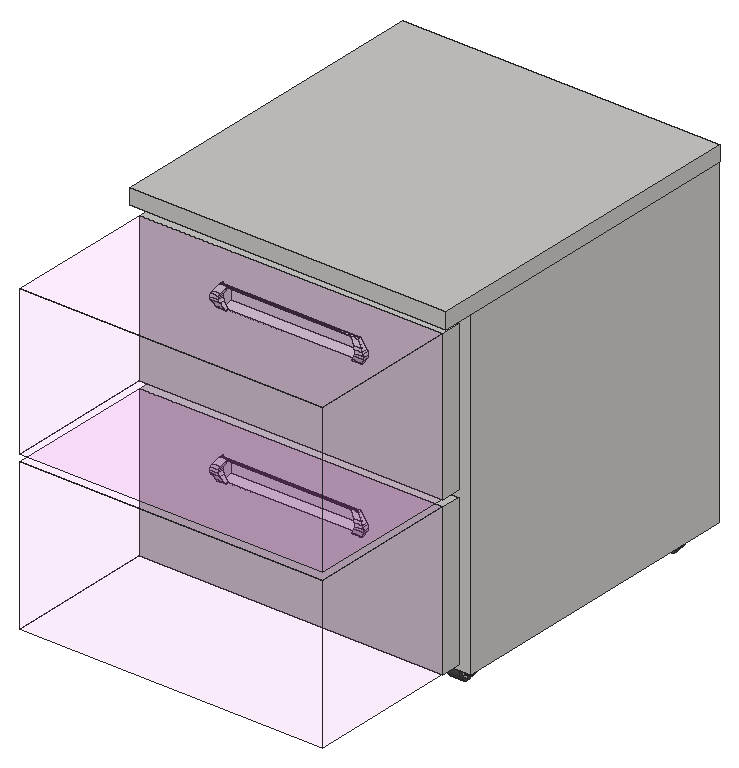
Revit family "Qf_Kelvinator_738337_KCHUC27.2DR-32_2-Drawer_Under_Counter_Refrig_27_Long_32.5_Tall", category Specialty Equipment, Revit 2021
Family settings
  Round Connector Dimension = Use Diameter
  Part Type = Normal
  Work Plane-Based = No
  Always vertical = Yes
  Cut with Voids When Loaded = No
  Shared = No
  Room Calculation Point = No
Parameters
  Weight in Pounds = 121.254
  Watts = if(Phase = 3, Volts * FL Amps * 1.73, Volts * FL Amps)  # 172.5 W
  Volts = 115 V
  URL Cutsheet = ""
  Specification by User = ""
  Specification by Manufacturer = ""
  Show Clearance [instance] = yes
  Serial Number = ""
  Seismic Rating = ""
  SMACNA No = ""
  Revision Code = ""
  Refrigerant Type = "R600a"
  Phase = 1
  Number of Poles = 1
  NAFEM Spec ID Number = ""
  Model = "738337 (KKCHUC27.2DR-32)"
  Min Ckt Ampacity = 0 A
  Max Overcurrent Protection = 0 A
  Masterspec = ""
  Manufacturer = "Kelvinator Commercial"
  Length = 27 3/4"
  Item Number = "738337"
  Installed By = ""
  Identify Quantity as Lot = yes
  Height = 32 1/16"
  HP = "1/10"
  Furnished By = ""
  Foodservice Equipment Identifier = yes
  FL Amps = 1.5 A
  Electrical Remarks = ""
  Electric Connection Type = ""
  Elec Conn RI Height = 0"
  Elec Conn Connection Height = 0"
  Description = "2-Drawer Under Counter Refrigerator 27\" Long 32.5\" Tall"
  Depth = 29 15/16"
  Default Elevation = 0"
  Cycle = 60 Hz
  Conn Plug = "5-15P"
  Conn Conduit = yes
  CSI MasterFormat = ""
  Apparent Power = if(Phase = 3, Volts * FL Amps * 1.73, Volts * FL Amps)  # 172.5 VA
Reference planes (in)
  plane 1 "BACK": y = 0
  plane 2: z = 0
  plane 3 "LEFT": x = 0
  plane 4 "RIGHT": x = 27.756
  plane 5 "FRONT": y = -29.92126
  plane 6 "TOP": z = 32.08661
  plane 7 "Center Y": x = 13.878
  plane 8 "Center X": y = -14.96063
  plane 9 "Base Height": z = 2.3622
  plane 10: x = 23.81899
  plane 11: x = 27.75
  plane 12: y = -29.9375
  plane 13: z = 32.0625
Forms (in)
  Extrusion 1, solid, material "QF_Metal - Stainless - Polished"
    sketch origin (0, 0, 32.08661) x (-1, 0, 0) y (0, -1, 0)
      loop
        line (0, 0) -> (0, 29.9375) -> (-27.75, 29.9375) -> (-27.75, 0) -> (0, 0)
    from -0.02411 to -1.37795
  Extrusion 2, solid, material "QF_Metal - Stainless - Polished"
    sketch origin (27.75, 0, 32.08661) x (0, -1, 0) y (0, 0, -1)
      loop
        line (0, 1.37795) -> (27.19734, 1.37795) -> (27.19734, 29.72441) -> (11.81102, 29.72441) -> (11.81102, 20.19685) -> (0, 20.19685) -> (0, 1.37795)
    from -2.30315 to -25.45685
  Extrusion 3, solid, material "QF_Metal - Stainless - Polished"
    sketch origin (0, 0, 0) x (1, 0, 0) y (0, 0, 1)
      loop
        line (2.30315, 2.3622) -> (2.30315, 30.70866) -> (0.09843, 30.70866) -> (0.09843, 2.3622) -> (2.30315, 2.3622)
      loop
        line (27.65757, 30.70866) -> (25.45285, 30.70866) -> (25.45285, 2.3622) -> (27.65757, 2.3622) -> (27.65757, 30.70866)
    from 0 to 27.1811
  Extrusion 4, solid, material "QF_Metal - Stainless - Polished"
    sketch origin (0, -27.1811, 0) x (1, 0, 0) y (0, 0, 1)
      loop
        line (0.61024, 29.96063) -> (0.61024, 16.9685) -> (27.14576, 16.9685) -> (27.14576, 29.96063) -> (0.61024, 29.96063)
      loop
        line (0.61024, 16.37795) -> (0.61024, 3.22835) -> (27.14576, 3.22835) -> (27.14576, 16.37795) -> (0.61024, 16.37795)
    from 0.61024 to 2.3937
  Extrusion 5, void
    sketch origin (0.61024, -27.1811, 30.40945) x (0, 0, 1) y (0, 1, 0)
      loop
        line (-3.18898, -2.3937) -> (-2.568, -2.10413) -> (-2.568, -1.51358) -> (-4.86745, -1.51358) -> (-5.10327, -2.3937) -> (-5.10327, -2.89858) -> (-3.18898, -2.89858) -> (-3.18898, -2.3937)
    from -7.29122 to -19.24831
  Extrusion 6, solid, material "QF_Metal - Stainless - Polished"
    sketch origin (0.61024, -27.1811, 30.40945) x (0, 0, 1) y (0, 1, 0)
      loop
        arc (-4.01855, -2.88583) -> (-3.90374, -2.87427) -> (-3.79354, -2.84005) r 0.57588
        line (-3.79354, -2.84005) -> (-3.2345, -2.60275)
        arc (-3.2345, -2.60275) -> (-3.20123, -2.5711) -> (-3.18898, -2.52684) r 0.08605
        line (-3.18898, -2.52684) -> (-3.18898, -2.3937) -> (-5.15748, -2.3937) -> (-5.15748, -2.52684)
        arc (-5.15748, -2.52684) -> (-5.14523, -2.5711) -> (-5.11196, -2.60275) r 0.08605
        line (-5.11196, -2.60275) -> (-4.55294, -2.84004)
        arc (-4.55294, -2.84004) -> (-4.44272, -2.87426) -> (-4.32788, -2.88583) r 0.57598
        line (-4.32788, -2.88583) -> (-4.01855, -2.88583)
    from -6.41814 to -20.20136
  Extrusion 7, void
    sketch origin (0, -29.5748, 0) x (1, 0, 0) y (0, 0, 1)
      loop
        arc (7.50892, 25.29885) -> (7.54621, 25.26444) -> (7.5954, 25.25197) r 0.10321
        line (7.5954, 25.25197) -> (8.32723, 25.25197)
        arc (8.32723, 25.25197) -> (8.35667, 25.2695) -> (8.35529, 25.30374) r 0.0335
        line (8.35529, 25.30374) -> (7.99253, 25.86078)
        arc (7.99253, 25.86078) -> (7.9247, 26.00753) -> (7.90145, 26.16752) r 0.5621
        line (7.90145, 26.16752) -> (7.90145, 26.29014)
        arc (7.90145, 26.29014) -> (7.91675, 26.38951) -> (7.96122, 26.47968) r 0.33045
        line (7.96122, 26.47968) -> (8.37393, 27.06909)
        arc (8.37393, 27.06909) -> (8.44428, 27.13079) -> (8.53518, 27.15304) r 0.19685
        line (8.53518, 27.15304) -> (19.22082, 27.15304)
        arc (19.22082, 27.15304) -> (19.31172, 27.13079) -> (19.38207, 27.06909) r 0.19685
        line (19.38207, 27.06909) -> (19.79478, 26.47968)
        arc (19.79478, 26.47968) -> (19.83925, 26.38951) -> (19.85455, 26.29014) r 0.33045
        line (19.85455, 26.29014) -> (19.85455, 26.16752)
        arc (19.85455, 26.16752) -> (19.8313, 26.00753) -> (19.76347, 25.86078) r 0.5621
        line (19.76347, 25.86078) -> (19.40071, 25.30374)
        arc (19.40071, 25.30374) -> (19.39933, 25.2695) -> (19.42877, 25.25197) r 0.0335
        line (19.42877, 25.25197) -> (20.1606, 25.25197)
        arc (20.1606, 25.25197) -> (20.20979, 25.26444) -> (20.24708, 25.29885) r 0.10321
        line (20.24708, 25.29885) -> (20.53927, 25.74751)
        arc (20.53927, 25.74751) -> (20.58909, 25.8618) -> (20.59892, 25.98609) r 0.37698
        line (20.59892, 25.98609) -> (20.57556, 26.253)
        arc (20.57556, 26.253) -> (20.55548, 26.34359) -> (20.51264, 26.42589) r 0.35543
        line (20.51264, 26.42589) -> (20.01234, 27.14039)
        arc (20.01234, 27.14039) -> (19.94522, 27.19925) -> (19.85851, 27.22047) r 0.1878
        line (19.85851, 27.22047) -> (7.8975, 27.22047)
        arc (7.8975, 27.22047) -> (7.81078, 27.19925) -> (7.74366, 27.14039) r 0.1878
        line (7.74366, 27.14039) -> (7.24336, 26.42589)
        arc (7.24336, 26.42589) -> (7.20052, 26.34359) -> (7.18044, 26.253) r 0.35543
        line (7.18044, 26.253) -> (7.15708, 25.98609)
        arc (7.15708, 25.98609) -> (7.16691, 25.8618) -> (7.21673, 25.74751) r 0.37698
        line (7.21673, 25.74751) -> (7.50892, 25.29885)
      loop
        line (6.78924, 27.70848) -> (6.78924, 24.83052) -> (20.94954, 24.83052) -> (20.94954, 27.70848) -> (6.78924, 27.70848)
      loop
        arc (7.50892, 11.71618) -> (7.54621, 11.68177) -> (7.5954, 11.66929) r 0.10321
        line (7.5954, 11.66929) -> (8.32723, 11.66929)
        arc (8.32723, 11.66929) -> (8.35667, 11.68682) -> (8.35529, 11.72107) r 0.0335
        line (8.35529, 11.72107) -> (7.99253, 12.2781)
        arc (7.99253, 12.2781) -> (7.9247, 12.42486) -> (7.90145, 12.58485) r 0.5621
        line (7.90145, 12.58485) -> (7.90145, 12.70746)
        arc (7.90145, 12.70746) -> (7.91675, 12.80683) -> (7.96122, 12.897) r 0.33045
        line (7.96122, 12.897) -> (8.37393, 13.48642)
        arc (8.37393, 13.48642) -> (8.44428, 13.54812) -> (8.53518, 13.57036) r 0.19685
        line (8.53518, 13.57036) -> (19.22082, 13.57036)
        arc (19.22082, 13.57036) -> (19.31172, 13.54812) -> (19.38207, 13.48642) r 0.19685
        line (19.38207, 13.48642) -> (19.79478, 12.897)
        arc (19.79478, 12.897) -> (19.83925, 12.80683) -> (19.85455, 12.70746) r 0.33045
        line (19.85455, 12.70746) -> (19.85455, 12.58485)
        arc (19.85455, 12.58485) -> (19.8313, 12.42486) -> (19.76347, 12.2781) r 0.5621
        line (19.76347, 12.2781) -> (19.40071, 11.72107)
        arc (19.40071, 11.72107) -> (19.39933, 11.68682) -> (19.42877, 11.66929) r 0.0335
        line (19.42877, 11.66929) -> (20.1606, 11.66929)
        arc (20.1606, 11.66929) -> (20.20979, 11.68177) -> (20.24708, 11.71618) r 0.10321
        line (20.24708, 11.71618) -> (20.53927, 12.16483)
        arc (20.53927, 12.16483) -> (20.58909, 12.27912) -> (20.59892, 12.40341) r 0.37698
        line (20.59892, 12.40341) -> (20.57556, 12.67033)
        arc (20.57556, 12.67033) -> (20.55548, 12.76091) -> (20.51264, 12.84321) r 0.35543
        line (20.51264, 12.84321) -> (20.01234, 13.55771)
        arc (20.01234, 13.55771) -> (19.94522, 13.61658) -> (19.85851, 13.6378) r 0.1878
        line (19.85851, 13.6378) -> (7.8975, 13.6378)
        arc (7.8975, 13.6378) -> (7.81078, 13.61658) -> (7.74366, 13.55771) r 0.1878
        line (7.74366, 13.55771) -> (7.24336, 12.84321)
        arc (7.24336, 12.84321) -> (7.20052, 12.76091) -> (7.18044, 12.67033) r 0.35543
        line (7.18044, 12.67033) -> (7.15708, 12.40341)
        arc (7.15708, 12.40341) -> (7.16691, 12.27912) -> (7.21673, 12.16483) r 0.37698
        line (7.21673, 12.16483) -> (7.50892, 11.71618)
      loop
        line (6.78924, 14.12581) -> (6.78924, 11.24784) -> (20.94954, 11.24784) -> (20.94954, 14.12581) -> (6.78924, 14.12581)
    from 0 to 0.84096
  Extrusion 8, solid, material "QF_Metal - Stainless - Polished"
    sketch origin (0.09843, 0, 2.3622) x (0, 0, 1) y (0, 1, 0)
      loop
        line (0, -11.81102) -> (0, 0) -> (-0.70866, 0) -> (-0.70866, -0.31496) -> (-0.64961, -0.31496) -> (-0.64961, -0.05906) -> (-0.05906, -0.05906) -> (-0.05906, -11.75197) -> (-0.64961, -11.75197) -> (-0.64961, -11.49606) -> (-0.70866, -11.49606) -> (-0.70866, -11.81102) -> (0, -11.81102)
    from -0.94882 to -26.61433
  Extrusion 9, solid, material "QF_Metal - Stainless - Polished"
    sketch origin (0, 0, 0) x (-1, 0, 0) y (0, 0, 1)
      loop
        line (-2.30315, 11.88976) -> (-25.45285, 11.88976) -> (-25.45285, 2.3622) -> (-2.30315, 2.3622) -> (-2.30315, 11.88976)
    from 0 to -0.0626
  Extrusion 10, solid, material "QF_Rubber - Black - Smooth"
    sketch origin (0, 0, 0) x (-1, 0, 0) y (0, 0, 1)
      loop
        circle (-23.81899, 10.77165) r 0.25
    from 0 to 0.0626
  Extrusion 11, solid, material "QF_Metal - Stainless - Polished"
    sketch origin (0, -27.79134, 0) x (-1, 0, 0) y (0, 0, 1)
      loop
        line (-1.11024, 29.46063) -> (-26.64576, 29.46063) -> (-26.64576, 17.4685) -> (-1.11024, 17.4685) -> (-1.11024, 29.46063)
      loop
        line (-1.11024, 15.87795) -> (-26.64576, 15.87795) -> (-26.64576, 3.72835) -> (-1.11024, 3.72835) -> (-1.11024, 15.87795)
    from 0 to 0.61024
  Extrusion 12, void
    sketch origin (0.61024, -27.1811, 16.82677) x (0, 0, 1) y (0, 1, 0)
      loop
        line (-3.18898, -2.3937) -> (-2.568, -2.10413) -> (-2.568, -1.51358) -> (-4.86745, -1.51358) -> (-5.10327, -2.3937) -> (-5.10327, -2.89858) -> (-3.18898, -2.89858) -> (-3.18898, -2.3937)
    from -7.29122 to -19.24831
  Extrusion 13, solid, material "QF_Metal - Stainless - Polished"
    sketch origin (0.61024, -27.1811, 16.82677) x (0, 0, 1) y (0, 1, 0)
      loop
        arc (-4.01855, -2.88583) -> (-3.90374, -2.87427) -> (-3.79354, -2.84005) r 0.57588
        line (-3.79354, -2.84005) -> (-3.2345, -2.60275)
        arc (-3.2345, -2.60275) -> (-3.20123, -2.5711) -> (-3.18898, -2.52684) r 0.08605
        line (-3.18898, -2.52684) -> (-3.18898, -2.3937) -> (-5.15748, -2.3937) -> (-5.15748, -2.52684)
        arc (-5.15748, -2.52684) -> (-5.14523, -2.5711) -> (-5.11196, -2.60275) r 0.08605
        line (-5.11196, -2.60275) -> (-4.55294, -2.84004)
        arc (-4.55294, -2.84004) -> (-4.44272, -2.87426) -> (-4.32788, -2.88583) r 0.57598
        line (-4.32788, -2.88583) -> (-4.01855, -2.88583)
    from -6.42217 to -20.16047
  Extrusion 14, solid, material "QF_Clearances_Door_Drawer", visible <- "Show Clearance"
    sketch origin (27.14576, -27.1811, 16.9685) x (0, 0, 1) y (0, -1, 0)
      loop
        line (-13.74016, 2.3937) -> (-0.59055, 2.3937) -> (-0.59055, 15.50394) -> (-13.74016, 15.50394) -> (-13.74016, 2.3937)
      loop
        line (0, 2.3937) -> (12.99213, 2.3937) -> (12.99213, 15.50394) -> (0, 15.50394) -> (0, 2.3937)
    from 0 to -26.53953
Cuts and joins
  joined: Extrusion 2, Extrusion 3
  Extrusion 5, Extrusion 12 cuts Extrusion 4
  Extrusion 7, Extrusion 12 cuts Extrusion 6
  Extrusion 7 cuts Extrusion 13
Lines and regions (in)
  symbolic lines
    curve 1: line (0, 0, 32.08661) -> (27.75, 0, 32.08661)
    curve 2: line (0, -29.9375, 32.08661) -> (0, 0, 32.08661)
    curve 3: line (27.75, -29.9375, 32.08661) -> (0, -29.9375, 32.08661)
    curve 4: line (27.75, 0, 32.08661) -> (27.75, -29.9375, 32.08661)
  symbolic lines, style "QF_Clearances_Door_Drawer", visible <- "Show Clearance"
    curve 5: line (0.61024, -29.9375, 32.08661) -> (0.61024, -42.68504, 32.08661)
    curve 6: line (0.61024, -42.68504, 32.08661) -> (27.14576, -42.68504, 32.08661)
    curve 7: line (27.14576, -42.68504, 32.08661) -> (27.14576, -29.9375, 32.08661)
Dimensions and locks (in)
  equal spacing: plane 3 "LEFT", plane 7 "Center Y", plane 4 "RIGHT"
  plane 3 "LEFT" to plane 4 "RIGHT" = 27.756"
  equal spacing: plane 5 "FRONT", plane 8 "Center X", plane 1 "BACK"
  plane 5 "FRONT" to plane 1 "BACK" = 29.92126"
  plane 6 "TOP" to level = 32.08661"
  plane 9 "Base Height" to level = 2.3622"
  plane 6 "TOP" to plane 9 "Base Height" = 29.72441"
  plane 10 to plane 4 "RIGHT" = 3.93701"
  plane 3 "LEFT" to plane 11 = 27 3/4"
  plane 12 to plane 1 "BACK" = 29 15/16"
  plane 13 to level = 32 1/16"
  aligned and locked: level to plane 2
Automatic sketch dimensions
  plane 1 "BACK" to Extrusion 1 sketch curve = 0"
  plane 4 "RIGHT" to Extrusion 1 sketch curve = 0.006"
  Extrusion 1 sketch curve to plane 3 "LEFT" = 0"
  plane 5 "FRONT" to Extrusion 1 sketch curve = 0.01624"
  Extrusion 2 sketch curve to Extrusion 1 = 0"  (x2)
  Extrusion 1 to Extrusion 2 sketch curve = 11.81102"
  Extrusion 1 to Extrusion 2 sketch curve = 2.74016"
  Extrusion 2 sketch curve to Extrusion 1 = 18.8189"
  Extrusion 2 sketch curve to Extrusion 2 sketch curve = 9.52756"
  Extrusion 3 sketch curve to plane 9 "Base Height" = 0"  (x2)
  plane 3 "LEFT" to Extrusion 3 sketch curve = 0.09843"
  Extrusion 3 sketch curve to Extrusion 3 sketch curve = 2.20472"
  Extrusion 3 sketch curve to plane 10 = 1.63386"
  plane 4 "RIGHT" to Extrusion 3 sketch curve = 0.09843"
  Extrusion 3 sketch curve to plane 6 "TOP" = 1.37795"  (x2)
  Extrusion 4 sketch curve to Extrusion 3 = 0.51181"  (x4)
  Extrusion 4 sketch curve to Extrusion 3 = 0.86614"
  Extrusion 4 sketch curve to Extrusion 4 sketch curve = 13.14961"
  Extrusion 4 sketch curve to Extrusion 4 sketch curve = 0.59055"
  Extrusion 4 sketch curve to Extrusion 3 = 0.74803"
  Extrusion 5 sketch curve to Extrusion 4 = 0"  (x2)
  Extrusion 4 to Extrusion 5 sketch curve = 4.65445"
  Extrusion 5 sketch curve to Extrusion 5 sketch curve = 0.23583"
  Extrusion 5 sketch curve to Extrusion 5 sketch curve = 1.67847"
  Extrusion 4 to Extrusion 5 sketch curve = 0.28957"
  Extrusion 5 sketch curve to Extrusion 5 sketch curve = 0.62098"
  Extrusion 5 sketch curve to Extrusion 4 = 0.50488"
  Extrusion 5 sketch curve to Extrusion 5 sketch curve = 0.59055"
  Extrusion 6 sketch curve to Extrusion 4 = 0"
  Extrusion 6 sketch curve to Extrusion 4 = 0.13314"  (x2)
  Extrusion 4 to Extrusion 6 sketch curve = 4.70866"
  Extrusion 6 sketch curve to Extrusion 4 = 0.20905"  (x2)
  Extrusion 6 sketch curve to Extrusion 6 sketch curve = 0.04552"
  Extrusion 6 sketch curve to Extrusion 4 = 0.44634"
  Extrusion 6 sketch curve to Extrusion 6 sketch curve = 0.51849"
  Extrusion 6 sketch curve to Extrusion 6 sketch curve = 0.22505"
  Extrusion 6 sketch curve to Extrusion 6 sketch curve = 0.30933"
  Extrusion 6 sketch curve to Extrusion 4 = 0.44635"
  Extrusion 6 sketch curve to Extrusion 6 sketch curve = 0.22501"
  Extrusion 6 sketch curve to Extrusion 6 sketch curve = 0.51851"
  Extrusion 6 sketch curve to Extrusion 6 sketch curve = 0.04053"
  Extrusion 6 sketch curve to Extrusion 6 sketch curve = 0.04578"
  Extrusion 8 sketch curve to Extrusion 3 = 0"  (x2)
  Extrusion 8 sketch curve to Extrusion 3 = 0.05906"
  Extrusion 8 sketch curve to Extrusion 8 sketch curve = 0.59055"  (x2)
  Extrusion 3 to Extrusion 8 sketch curve = 0.05906"
  Extrusion 8 sketch curve to Extrusion 8 sketch curve = 0.05906"  (x3)
  Extrusion 8 sketch curve to Extrusion 8 sketch curve = 0.25591"  (x2)
  Extrusion 8 sketch curve to Extrusion 8 sketch curve = 11.1811"
  Extrusion 9 sketch curve to Extrusion 3 = 0"  (x3)
  Extrusion 9 sketch curve to Extrusion 9 sketch curve = 9.52756"
  Extrusion 10 sketch curve to Extrusion 9 = 1.63386"
  Extrusion 10 sketch curve to Extrusion 9 = 1.11811"
  Extrusion 11 sketch curve to Extrusion 4 = 1/2"  (x8)
  Extrusion 12 sketch curve to Extrusion 4 = 0"  (x2)
  Extrusion 4 to Extrusion 12 sketch curve = 5.24501"
  Extrusion 12 sketch curve to Extrusion 12 sketch curve = 0.23583"
  Extrusion 12 sketch curve to Extrusion 12 sketch curve = 1.67847"
  Extrusion 4 to Extrusion 12 sketch curve = 0.28957"
  Extrusion 12 sketch curve to Extrusion 12 sketch curve = 0.62098"
  Extrusion 12 sketch curve to Extrusion 4 = 0.50488"
  Extrusion 12 sketch curve to Extrusion 12 sketch curve = 0.59055"
  Extrusion 13 sketch curve to Extrusion 4 = 0"
  Extrusion 13 sketch curve to Extrusion 4 = 0.13314"  (x2)
  Extrusion 4 to Extrusion 13 sketch curve = 5.29921"
  Extrusion 13 sketch curve to Extrusion 4 = 0.20905"  (x2)
  Extrusion 13 sketch curve to Extrusion 13 sketch curve = 0.04552"
  Extrusion 13 sketch curve to Extrusion 4 = 0.44634"
  Extrusion 13 sketch curve to Extrusion 13 sketch curve = 0.51849"
  Extrusion 13 sketch curve to Extrusion 13 sketch curve = 0.22505"
  Extrusion 13 sketch curve to Extrusion 13 sketch curve = 0.30933"
  Extrusion 13 sketch curve to Extrusion 4 = 0.44635"
  Extrusion 13 sketch curve to Extrusion 13 sketch curve = 0.22501"
  Extrusion 13 sketch curve to Extrusion 13 sketch curve = 0.51851"
  Extrusion 13 sketch curve to Extrusion 13 sketch curve = 0.04053"
  Extrusion 13 sketch curve to Extrusion 13 sketch curve = 0.04578"
  Extrusion 7 sketch curve to Extrusion 4 = 6.179"  (x2)
  Extrusion 7 sketch curve to Extrusion 4 = 2.25215"
  Extrusion 7 sketch curve to Extrusion 7 sketch curve = 0.36785"  (x2)
  Extrusion 7 sketch curve to Extrusion 7 sketch curve = 0.02335"  (x2)
  Extrusion 7 sketch curve to Extrusion 4 = 4.21312"  (x4)
  Extrusion 7 sketch curve to Extrusion 7 sketch curve = 0.05965"  (x4)
  Extrusion 7 sketch curve to Extrusion 4 = 3.53474"  (x4)
  Extrusion 7 sketch curve to Extrusion 7 sketch curve = 0.06293"  (x4)
  Extrusion 7 sketch curve to Extrusion 7 sketch curve = 0.29218"  (x2)
  Extrusion 7 sketch curve to Extrusion 7 sketch curve = 0.3159"  (x3)
  Extrusion 7 sketch curve to Extrusion 7 sketch curve = 0.37554"
  Extrusion 7 sketch curve to Extrusion 7 sketch curve = 0.00189"  (x4)
  Extrusion 7 sketch curve to Extrusion 7 sketch curve = 0.08648"  (x4)
  Extrusion 7 sketch curve to Extrusion 4 = 2.82024"  (x4)
  Extrusion 7 sketch curve to Extrusion 7 sketch curve = 0.5003"  (x2)
  Extrusion 7 sketch curve to Extrusion 7 sketch curve = 0.15384"  (x2)
  Extrusion 7 sketch curve to Extrusion 7 sketch curve = 0.36694"  (x4)
  Extrusion 7 sketch curve to Extrusion 4 = 3.48095"  (x4)
  Extrusion 7 sketch curve to Extrusion 7 sketch curve = 0.05976"  (x4)
  Extrusion 7 sketch curve to Extrusion 4 = 4.09985"  (x4)
  Extrusion 7 sketch curve to Extrusion 7 sketch curve = 0.09108"  (x2)
  Extrusion 7 sketch curve to Extrusion 7 sketch curve = 0.27069"  (x4)
  Extrusion 7 sketch curve to Extrusion 7 sketch curve = 0.3347"  (x2)
  Extrusion 7 sketch curve to Extrusion 4 = 4.65689"  (x4)
  Extrusion 7 sketch curve to Extrusion 7 sketch curve = 0.02807"  (x4)
  Extrusion 7 sketch curve to Extrusion 4 = 2.89154"  (x4)
  Extrusion 7 sketch curve to Extrusion 7 sketch curve = 0.47643"  (x2)
  Extrusion 7 sketch curve to Extrusion 7 sketch curve = 0.23164"  (x4)
  Extrusion 7 sketch curve to Extrusion 7 sketch curve = 0.16125"  (x4)
  Extrusion 7 sketch curve to Extrusion 4 = 7.92494"  (x2)
  Extrusion 7 sketch curve to Extrusion 7 sketch curve = 0.07163"  (x2)
  Extrusion 7 sketch curve to Extrusion 7 sketch curve = 0.10826"  (x2)
  Extrusion 7 sketch curve to Extrusion 7 sketch curve = 0.23938"  (x2)
  Extrusion 7 sketch curve to Extrusion 7 sketch curve = 0.47644"  (x2)
  Extrusion 7 sketch curve to Extrusion 7 sketch curve = 0.15383"  (x2)
  Extrusion 7 sketch curve to Extrusion 7 sketch curve = 0.39713"  (x2)
  Extrusion 7 sketch curve to Extrusion 7 sketch curve = 0.29115"  (x2)
  Extrusion 7 sketch curve to Extrusion 4 = 3.70763"  (x2)
  Extrusion 7 sketch curve to Extrusion 4 = 3.97454"  (x2)
  Extrusion 7 sketch curve to Extrusion 7 sketch curve = 0.9372"
  Extrusion 7 sketch curve to Extrusion 7 sketch curve = 0.70245"
  Extrusion 7 sketch curve to Extrusion 7 sketch curve = 0.44866"  (x2)
  Extrusion 7 sketch curve to Extrusion 7 sketch curve = 0.01828"  (x2)
  Extrusion 7 sketch curve to Extrusion 7 sketch curve = 0.46833"
  Extrusion 7 sketch curve to Extrusion 7 sketch curve = 0.20572"  (x2)
  Extrusion 7 sketch curve to Extrusion 7 sketch curve = 0.26879"  (x2)
  Extrusion 7 sketch curve to Extrusion 7 sketch curve = 0.11291"  (x2)
  Extrusion 7 sketch curve to Extrusion 7 sketch curve = 0.10772"  (x2)
  Extrusion 7 sketch curve to Extrusion 7 sketch curve = 0.91699"
  Extrusion 7 sketch curve to Extrusion 7 sketch curve = 0.05177"  (x2)
  Extrusion 7 sketch curve to Extrusion 7 sketch curve = 3/64"  (x2)
  Extrusion 7 sketch curve to Extrusion 7 sketch curve = 0.56809"
  Extrusion 14 sketch curve to Extrusion 4 = 0"  (x4)
  Extrusion 14 sketch curve to Extrusion 14 sketch curve = 0.59055"
  Extrusion 14 sketch curve to Extrusion 14 sketch curve = 13.14961"
  Extrusion 14 sketch curve to Extrusion 4 = 13.11024"
  Extrusion 14 sketch curve to Extrusion 14 sketch curve = 0"
  plane 1 "BACK" to curve 1 = 0"
  plane 4 "RIGHT" to curve 1 = 0.006"
  plane 5 "FRONT" to curve 7 = 0.01624"
  curve 2 to plane 3 "LEFT" = 0"
  plane 3 "LEFT" to curve 5 = 0.61024"
  curve 5 to curve 6 = 12.74754"
  plane 4 "RIGHT" to curve 7 = 0.61024"
  radius of Extrusion 10 sketch curve = 1/4"
Nested families (in)
  nested 1: "2 INCHES_CASTER" at (24.78362, -2.16535, 0), type "2 INCHES_CASTER"
    with Type Mark "", Specification by User "", Revision Code "", Item Number "", Installed By "", Identify Quantity as Lot yes, Furnished By "", Foodservice Equipment Identifier yes, 2.5 Inches Caster yes
  nested 2: "2 INCHES_CASTER" at (24.78362, -25.01575, 0), type "2 INCHES_CASTER"
    with Type Mark "", Specification by User "", Revision Code "", Item Number "", Installed By "", Identify Quantity as Lot yes, Furnished By "", Foodservice Equipment Identifier yes, 2.5 Inches Caster yes
  nested 3: "2 INCHES_CASTER" at (2.97638, -2.16535, 0), type "2 INCHES_CASTER"
    with Type Mark "", Specification by User "", Revision Code "", Item Number "", Installed By "", Identify Quantity as Lot yes, Furnished By "", Foodservice Equipment Identifier yes, 2.5 Inches Caster yes
  nested 4: "2 INCHES_CASTER" at (2.97638, -25.01575, 0), type "2 INCHES_CASTER"
    with Type Mark "", Specification by User "", Revision Code "", Item Number "", Installed By "", Identify Quantity as Lot yes, Furnished By "", Foodservice Equipment Identifier yes, 2.5 Inches Caster yes
Connectors (in)
  electrical at (23.81899, 0.0626, 10.77165), driven by "Volts"
    settings: on Extrusion 10, index 1, voltage 115 V, apparent load 0 VA, apparent load phase1 0 VA, apparent load phase2 0 VA, apparent load phase3 0 VA, power factor 1, load classification "Other", number of poles 1, system type 30, power factor state 1, is connector primary yes, connector utility no, sub classification motor no, connector description "Electrical Connection"
Definition of nested family "2 INCHES_CASTER"
  Parameters (values of type "2 INCHES_CASTER")
    Weight = ""
    URL Manufacturer = ""
    URL Cutsheet = ""
    URL = ""
    Type Mark [instance] = ""
    Specification by User [instance] = ""
    Specification by Manufacturer = ""
    Serial Number = ""
    Seismic Rating = ""
    SMACNA No = ""
    Revision Code [instance] = ""
    Omniclass Number and Title = ""
    NAFEM Spec ID Number = ""
    Model = ""
    MasterSpec. = ""
    Manufacturer = ""
    Item Number [instance] = ""
    Installed By [instance] = ""
    Identify Quantity as Lot [instance] = yes
    Furnished By [instance] = ""
    Foodservice Equipment Identifier [instance] = yes
    Description = ""
    Default Elevation = 0"
    CSI MasterFormat = ""
    CSI Master Format = ""
    Assembly Code = ""
    2.5 Inches Caster [instance] = yes
  Reference planes (in)
    plane 1: z = 0
    plane 2 "RIGHT": x = 0
    plane 3 "FRONT": y = 0
    plane 4 "TOP": z = 2.30315
  Forms (in)
    Revolve 1, solid, visible <- "2.5 Inches Caster"
      sketch origin (-1.93794, 0.46818, -1.0041) x (1, 0, 0) y (0, 0, 1)
        loop
          line (0.74055, 1.86347) -> (0.74055, 1.78797) -> (0.79055, 1.73797) -> (0.85055, 1.73797) -> (0.85055, 1.6179) -> (1.235, 1.6179) -> (1.235, 1.55055) -> (1.38673, 1.46295) -> (1.4003, 1.3791) -> (1.34375, 1.3791) -> (1.34375, 1.2541) -> (1.375, 1.2541) -> (1.375, 1.0041) -> (2.48438, 1.0041) -> (2.48438, 1.2541) -> (2.51563, 1.2541) -> (2.51563, 1.3791) -> (2.45908, 1.3791) -> (2.47322, 1.46647) -> (2.62438, 1.55374) -> (2.62438, 1.6179) -> (3.04007, 1.6179) -> (3.04007, 1.73797) -> (3.10007, 1.73797) -> (3.15007, 1.78797) -> (3.15007, 1.86347) -> (0.74055, 1.86347)
        axis (0.74055, 1.86347) -> (3.15007, 1.86347)
      angle from 0 to 360
    Extrusion 2, solid, visible <- "2.5 Inches Caster"
      sketch origin (-1.93794, 1.43296, -3.41527) x (0, 1, 0) y (0, 0, 1)
        loop
          line (-0.64294, 5.3791) -> (-2.21294, 5.3791) -> (-2.21294, 5.24769) -> (-1.37414, 5.24769)
          arc (-1.37414, 5.24769) -> (-0.62115, 5.15851) -> (0.05138, 4.80832) r 2.10495
          line (0.05138, 4.80832) -> (0.12713, 4.91318)
          arc (0.12713, 4.91318) -> (-0.07255, 5.06376) -> (-0.29048, 5.18644) r 1.8753
          line (-0.29048, 5.18644) -> (-0.22239, 5.30423)
          arc (-0.22239, 5.30423) -> (-0.42936, 5.36024) -> (-0.64294, 5.3791) r 1.21859
      from 1.17357 to 2.70231
    Revolve 3, solid, visible <- "2.5 Inches Caster"
      sketch origin (0, 1.73858, -3.75) x (0, 1, 0) y (0, 0, 1)
        loop
          line (-1.73858, 5.71382) -> (-1.05793, 5.71382) -> (-1.05793, 6.05315) -> (-1.73858, 6.05315) -> (-1.73858, 5.71382)
        axis (-1.73858, 5.71382) -> (-1.73858, 6.05315)
      angle from 0 to 360
    Extrusion 4, solid, visible <- "2.5 Inches Caster"
      sketch origin (-1.98481, 1.43296, -1.7541) x (0, 1, 0) y (0, 0, 1)
        loop
          line (-2.21294, 3.71792) -> (-2.21294, 3.58652) -> (-1.94904, 3.58652)
          arc (-1.94904, 3.58652) -> (-1.56115, 3.28048) -> (-1.39241, 2.81612) r 0.90292
          arc (-1.39241, 2.81612) -> (-1.36136, 2.62044) -> (-1.29729, 2.43295) r 1.15385
          arc (-1.29729, 2.43295) -> (-0.94802, 2.21237) -> (-0.6121, 2.45278) r 0.37001
          arc (-0.6121, 2.45278) -> (-0.59625, 2.50123) -> (-0.58446, 2.55082) r 0.61695
          arc (-0.58446, 2.55082) -> (-0.36134, 2.95548) -> (0.05609, 3.15367) r 0.75313
          line (0.05609, 3.15367) -> (0.12713, 3.252)
          arc (0.12713, 3.252) -> (-0.07255, 3.40259) -> (-0.29048, 3.52526) r 1.8753
          line (-0.29048, 3.52526) -> (-0.22239, 3.64306)
          arc (-0.22239, 3.64306) -> (-0.42936, 3.69906) -> (-0.64294, 3.71792) r 1.21859
          line (-0.64294, 3.71792) -> (-2.21294, 3.71792)
      from 2.74918 to 2.90825
    Extrusion 5, solid, visible <- "2.5 Inches Caster"
      sketch origin (1.98481, 1.43296, -1.7541) x (0, 1, 0) y (0, 0, -1)
        loop
          arc (-0.58446, -2.55082) -> (-0.59625, -2.50123) -> (-0.6121, -2.45278) r 0.61695
          arc (-0.6121, -2.45278) -> (-0.94802, -2.21237) -> (-1.29729, -2.43295) r 0.37001
          arc (-1.29729, -2.43295) -> (-1.36136, -2.62044) -> (-1.39241, -2.81612) r 1.15385
          arc (-1.39241, -2.81612) -> (-1.56115, -3.28048) -> (-1.94904, -3.58652) r 0.90292
          line (-1.94904, -3.58652) -> (-2.21294, -3.58652) -> (-2.21294, -3.71792) -> (-0.64294, -3.71792)
          arc (-0.64294, -3.71792) -> (-0.42936, -3.69906) -> (-0.22239, -3.64306) r 1.21859
          line (-0.22239, -3.64306) -> (-0.29048, -3.52526)
          arc (-0.29048, -3.52526) -> (-0.07255, -3.40259) -> (0.12713, -3.252) r 1.8753
          line (0.12713, -3.252) -> (0.05609, -3.15367)
          arc (0.05609, -3.15367) -> (-0.36134, -2.95548) -> (-0.58446, -2.55082) r 0.75313
      from 2.74918 to 2.90825
  Lines and regions (in)
    symbolic lines, visible <- "2.5 Inches Caster"
      curve 1: line (0.10651, 1.59133, 0) -> (0.80944, 1.1855, 0)
      curve 2: line (-0.89349, -0.14072, 0) -> (0.10651, 1.59133, 0)
      curve 3: line (-0.19056, -0.54656, 0) -> (-0.89349, -0.14072, 0)
      curve 4: line (0.80944, 1.1855, 0) -> (-0.19056, -0.54656, 0)
  Dimensions and locks (in)
    plane 4 "TOP" to level = 2.30315"  (x2)
    aligned and locked: level to plane 1
